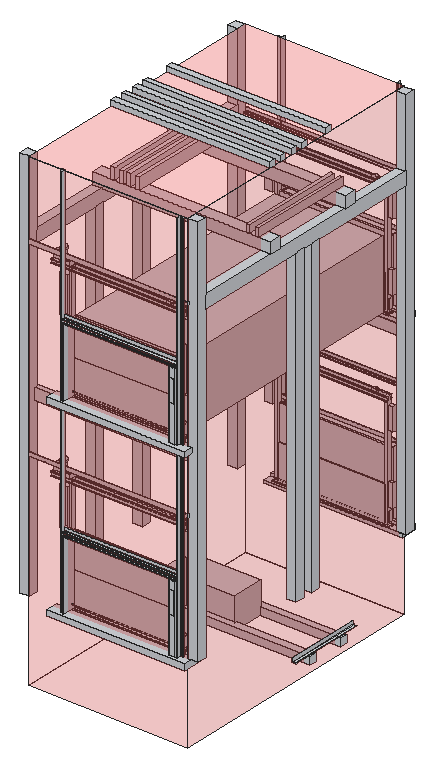
Revit family "SC2600-2U-2方向", category 一般モデル, Revit 2018
Family settings
  鉄筋をホスト可能 = いいえ
  丸型コネクタ寸法 = 直径を使用
  パーツ タイプ = 標準
  作業面ベース = いいえ
  常に垂直 = はい
  ロード時にボイドで切り取り = いいえ
  共有 = いいえ
  部屋計算ポイント = いいえ
Parameters
  昇降行程 = 5000 mm
Reference planes
  plane 1 "レール芯": y = 0
  plane 2 "最下階FL": z = 0
  plane 3 "かご芯": x = 0
  plane 4: z = 5000
  plane 5 "ピット底面": z = -2100
  plane 6: z = 10350
  plane 7: z = 1800
  plane 8: z = 3300
Forms (mm)
  Extrusion 1, solid
    sketch origin (-115, 140, 0) x (1, 0, 0) y (0, 1, 0)
      loop
        line (-2270, 3365) -> (-2270, -3765) -> (1900, -3765) -> (1900, 3365) -> (-2270, 3365)
    from -2100 to 10350
  Extrusion 2, solid
    sketch origin (-188.849, -187.656, 5000) x (1, 0, 0) y (0, 1, 0)
      loop
        line (-1231.151, 3432.656) -> (-1231.151, -3057.344) -> (1608.849, -3057.344) -> (1608.849, 3432.656) -> (-1231.151, 3432.656)
    from 0 to 1800
  Extrusion 3, solid
    sketch origin (-1004.116, 124.003, 75) x (1, 0, 0) y (0, 1, 0)
      loop
        line (-1050.884, 1090.997) -> (-1050.884, 260.997) -> (829.116, 260.997) -> (829.116, 1090.997) -> (-1050.884, 1090.997)
    from -1850 to -1029.5
  Extrusion 4, solid
    sketch origin (-180.164, -13.256, 0) x (1, 0, 0) y (0, 1, 0)
      loop
        line (1965.164, 388.256) -> (1965.164, 138.256) -> (2215.164, 138.256) -> (2215.164, 388.256) -> (1965.164, 388.256)
    from 0 to 8210
  Extrusion 5, solid
    sketch origin (-180.164, -413.256, 0) x (1, 0, 0) y (0, 1, 0)
      loop
        line (1965.164, 288.256) -> (1965.164, 38.256) -> (2215.164, 38.256) -> (2215.164, 288.256) -> (1965.164, 288.256)
    from 0 to 8210
  Extrusion 6, solid
    sketch origin (398.997, -221.31, 0) x (1, 0, 0) y (0, 1, 0)
      loop
        line (-3033.997, 581.31) -> (-3033.997, 331.31) -> (-2783.997, 331.31) -> (-2783.997, 581.31) -> (-3033.997, 581.31)
    from 0 to 8210
  Extrusion 7, solid
    sketch origin (398.997, -1671.31, 0) x (1, 0, 0) y (0, 1, 0)
      loop
        line (-3033.997, 481.31) -> (-3033.997, 231.31) -> (-2783.997, 231.31) -> (-2783.997, 481.31) -> (-3033.997, 481.31)
    from 0 to 8210
  Extrusion 8, solid
    sketch origin (0, -154.792, -183.066) x (0, 1, 0) y (0, 0, 1)
      loop
        line (279.792, 10683.066) -> (279.792, 10533.066) -> (429.792, 10533.066) -> (429.792, 10683.066) -> (279.792, 10683.066)
    from -2385 to 1785
  Extrusion 9, solid
    sketch origin (0, -494.792, -183.066) x (0, 1, 0) y (0, 0, 1)
      loop
        line (279.792, 10683.066) -> (279.792, 10533.066) -> (429.792, 10533.066) -> (429.792, 10683.066) -> (279.792, 10683.066)
    from -2385 to 1785
  Extrusion 10, solid
    sketch origin (0, -859.792, -183.066) x (0, 1, 0) y (0, 0, 1)
      loop
        line (279.792, 10683.066) -> (279.792, 10533.066) -> (429.792, 10533.066) -> (429.792, 10683.066) -> (279.792, 10683.066)
    from -2385 to 1785
  Extrusion 11, solid
    sketch origin (0, 635.208, -183.066) x (0, 1, 0) y (0, 0, 1)
      loop
        line (279.792, 10683.066) -> (279.792, 10533.066) -> (429.792, 10533.066) -> (429.792, 10683.066) -> (279.792, 10683.066)
    from -2385 to 1785
  Extrusion 12, solid
    sketch origin (0, -2627.235, 116.596) x (0, 1, 0) y (0, 0, 1)
      loop
        line (-827.765, 4733.404) -> (-827.765, 4433.404) -> (-677.765, 4433.404) -> (-677.765, 4733.404) -> (-827.765, 4733.404)
    from -2385 to 1785
  Extrusion 13, solid
    sketch origin (122.648, -2528.415, 0) x (-1, 0, 0) y (0, -1, 0)
      loop
        line (-1452.352, 1086.585) -> (-1452.352, 1186.585) -> (-1455.352, 1186.585)
        arc (-1455.352, 1186.585) -> (-1460.302, 1184.535) -> (-1462.352, 1179.585) r 7
        line (-1462.352, 1179.585) -> (-1462.352, 1106.585)
        arc (-1462.352, 1106.585) -> (-1465.281, 1099.514) -> (-1472.352, 1096.585) r 10
        line (-1472.352, 1096.585) -> (-1545.352, 1096.585)
        arc (-1545.352, 1096.585) -> (-1550.302, 1094.535) -> (-1552.352, 1089.585) r 7
        line (-1552.352, 1089.585) -> (-1552.352, 1086.585) -> (-1452.352, 1086.585)
    from 0 to 4850
  Extrusion 14, solid
    sketch origin (77.352, -2528.415, 0) x (1, 0, 0) y (0, 1, 0)
      loop
        line (-1625.352, -1096.585) -> (-1552.352, -1096.585)
        arc (-1552.352, -1096.585) -> (-1545.281, -1099.514) -> (-1542.352, -1106.585) r 10
        line (-1542.352, -1106.585) -> (-1542.352, -1179.585)
        arc (-1542.352, -1179.585) -> (-1540.302, -1184.535) -> (-1535.352, -1186.585) r 7
        line (-1535.352, -1186.585) -> (-1532.352, -1186.585) -> (-1532.352, -1086.585) -> (-1632.352, -1086.585) -> (-1632.352, -1089.585)
        arc (-1632.352, -1089.585) -> (-1630.302, -1094.535) -> (-1625.352, -1096.585) r 7
    from 0 to 4850
  Extrusion 15, solid
    sketch origin (322.648, -2528.415, 5000) x (-1, 0, 0) y (0, -1, 0)
      loop
        arc (-1262.352, 1106.585) -> (-1265.281, 1099.514) -> (-1272.352, 1096.585) r 10
        line (-1272.352, 1096.585) -> (-1345.352, 1096.585)
        arc (-1345.352, 1096.585) -> (-1350.302, 1094.535) -> (-1352.352, 1089.585) r 7
        line (-1352.352, 1089.585) -> (-1352.352, 1086.585) -> (-1252.352, 1086.585) -> (-1252.352, 1186.585) -> (-1255.352, 1186.585)
        arc (-1255.352, 1186.585) -> (-1260.302, 1184.535) -> (-1262.352, 1179.585) r 7
        line (-1262.352, 1179.585) -> (-1262.352, 1106.585)
    from 0 to 5350
  Extrusion 16, solid
    sketch origin (77.352, -2528.415, 5000) x (1, 0, 0) y (0, 1, 0)
      loop
        line (-1625.352, -1096.585) -> (-1552.352, -1096.585)
        arc (-1552.352, -1096.585) -> (-1545.281, -1099.514) -> (-1542.352, -1106.585) r 10
        line (-1542.352, -1106.585) -> (-1542.352, -1179.585)
        arc (-1542.352, -1179.585) -> (-1540.302, -1184.535) -> (-1535.352, -1186.585) r 7
        line (-1535.352, -1186.585) -> (-1532.352, -1186.585) -> (-1532.352, -1086.585) -> (-1632.352, -1086.585) -> (-1632.352, -1089.585)
        arc (-1632.352, -1089.585) -> (-1630.302, -1094.535) -> (-1625.352, -1096.585) r 7
    from 0 to 5350
  Extrusion 17, solid
    sketch origin (90, -5862.272, 1335.614) x (0, 0, -1) y (0, 1, 0)
      loop
        arc (-554.386, 2154.272) -> (-552.335, 2149.322) -> (-547.386, 2147.272) r 7
        line (-547.386, 2147.272) -> (-544.386, 2147.272) -> (-544.386, 2247.272) -> (-644.386, 2247.272) -> (-644.386, 2244.272)
        arc (-644.386, 2244.272) -> (-642.335, 2239.322) -> (-637.386, 2237.272) r 7
        line (-637.386, 2237.272) -> (-564.386, 2237.272)
        arc (-564.386, 2237.272) -> (-557.315, 2234.343) -> (-554.386, 2227.272) r 10
        line (-554.386, 2227.272) -> (-554.386, 2154.272)
    from -1545 to 1485
  Extrusion 18, solid
    sketch origin (398.997, 2888.69, 0) x (1, 0, 0) y (0, 1, 0)
      loop
        line (-3033.997, 581.31) -> (-3033.997, 331.31) -> (-2783.997, 331.31) -> (-2783.997, 581.31) -> (-3033.997, 581.31)
    from 0 to 10350
  Extrusion 19, solid
    sketch origin (24.836, 3081.744, 0) x (1, 0, 0) y (0, 1, 0)
      loop
        line (1760.164, 388.256) -> (1760.164, 138.256) -> (2010.164, 138.256) -> (2010.164, 388.256) -> (1760.164, 388.256)
    from 0 to 10350
  Extrusion 20, solid
    sketch origin (398.997, -3831.31, 0) x (1, 0, 0) y (0, 1, 0)
      loop
        line (-3033.997, 481.31) -> (-3033.997, 231.31) -> (-2783.997, 231.31) -> (-2783.997, 481.31) -> (-3033.997, 481.31)
    from 0 to 10350
  Extrusion 21, solid
    sketch origin (24.836, -3638.256, 0) x (1, 0, 0) y (0, 1, 0)
      loop
        line (1760.164, 288.256) -> (1760.164, 38.256) -> (2010.164, 38.256) -> (2010.164, 288.256) -> (1760.164, 288.256)
    from 0 to 10350
  Extrusion 22, solid
    sketch origin (150, 1916.904, 19.994) x (0, 1, 0) y (0, 0, 1)
      loop
        line (-716.904, -1594.994) -> (-716.904, -1794.994) -> (-516.904, -1794.994) -> (-516.904, -1594.994) -> (-716.904, -1594.994)
    from -2685 to 1785
  Extrusion 23, solid
    sketch origin (150, 916.904, 19.994) x (0, 1, 0) y (0, 0, 1)
      loop
        line (-716.904, -1594.994) -> (-716.904, -1794.994) -> (-516.904, -1794.994) -> (-516.904, -1594.994) -> (-716.904, -1594.994)
    from -2685 to 1785
  Extrusion 24, solid
    sketch origin (0, -1199.792, -183.066) x (0, 1, 0) y (0, 0, 1)
      loop
        line (279.792, 10683.066) -> (279.792, 10533.066) -> (429.792, 10533.066) -> (429.792, 10683.066) -> (279.792, 10683.066)
    from -2385 to 1785
  Extrusion 25, solid
    sketch origin (0, 436.791, -436.921) x (0, 1, 0) y (0, 0, 1)
      loop
        line (798.209, 9286.921) -> (798.209, 8986.921) -> (1098.209, 8986.921) -> (1098.209, 9286.921) -> (798.209, 9286.921)
    from -2635 to 2035
  Extrusion 26, solid
    sketch origin (0, -1963.209, -436.921) x (0, 1, 0) y (0, 0, 1)
      loop
        line (748.209, 9286.921) -> (748.209, 8986.921) -> (1048.209, 8986.921) -> (1048.209, 9286.921) -> (748.209, 9286.921)
    from -2635 to 2035
  Extrusion 27, solid
    sketch origin (112.993, 0, -304.556) x (1, 0, 0) y (0, 0, 1)
      loop
        line (1672.007, 8854.556) -> (1672.007, 8514.556) -> (1922.007, 8514.556) -> (1922.007, 8854.556) -> (1672.007, 8854.556)
    from -3220 to 3350
  Extrusion 28, solid
    sketch origin (-4307.007, 0, -504.556) x (1, 0, 0) y (0, 0, 1)
      loop
        line (1672.007, 9054.556) -> (1672.007, 8714.556) -> (1922.007, 8714.556) -> (1922.007, 9054.556) -> (1672.007, 9054.556)
    from -3220 to 3350
  Extrusion 29, solid
    sketch origin (90, -5862.272, 5285.614) x (0, 0, -1) y (0, 1, 0)
      loop
        arc (-1604.386, 2154.272) -> (-1602.335, 2149.322) -> (-1597.386, 2147.272) r 7
        line (-1597.386, 2147.272) -> (-1594.386, 2147.272) -> (-1594.386, 2247.272) -> (-1694.386, 2247.272) -> (-1694.386, 2244.272)
        arc (-1694.386, 2244.272) -> (-1692.335, 2239.322) -> (-1687.386, 2237.272) r 7
        line (-1687.386, 2237.272) -> (-1614.386, 2237.272)
        arc (-1614.386, 2237.272) -> (-1607.315, 2234.343) -> (-1604.386, 2227.272) r 10
        line (-1604.386, 2227.272) -> (-1604.386, 2154.272)
    from -1545 to 1485
  Extrusion 30, solid
    sketch origin (0, -1507.728, 5470.614) x (0, 0, -1) y (0, 1, 0)
      loop
        line (-2839.386, -2014.272) -> (-2839.386, -2087.272)
        arc (-2839.386, -2087.272) -> (-2842.315, -2094.343) -> (-2849.386, -2097.272) r 10
        line (-2849.386, -2097.272) -> (-2922.386, -2097.272)
        arc (-2922.386, -2097.272) -> (-2927.335, -2099.322) -> (-2929.386, -2104.272) r 7
        line (-2929.386, -2104.272) -> (-2929.386, -2107.272) -> (-2829.386, -2107.272) -> (-2829.386, -2007.272) -> (-2832.386, -2007.272)
        arc (-2832.386, -2007.272) -> (-2837.335, -2009.322) -> (-2839.386, -2014.272) r 7
    from -2385 to 1785
  Extrusion 31, solid
    sketch origin (-193.115, 1800, 0) x (1, 0, 0) y (0, 0, 1)
      loop
        line (-2201.885, -1482) -> (-2201.885, -1555)
        arc (-2201.885, -1555) -> (-2204.814, -1562.071) -> (-2211.885, -1565) r 10
        line (-2211.885, -1565) -> (-2284.885, -1565)
        arc (-2284.885, -1565) -> (-2289.835, -1567.05) -> (-2291.885, -1572) r 7
        line (-2291.885, -1572) -> (-2291.885, -1575) -> (-2191.885, -1575) -> (-2191.885, -1475) -> (-2194.885, -1475)
        arc (-2194.885, -1475) -> (-2199.835, -1477.05) -> (-2201.885, -1482) r 7
    from 5 to 2000
  Extrusion 32, solid
    sketch origin (-406.885, 1800, 0) x (-1, 0, 0) y (0, 0, -1)
      loop
        arc (-2201.885, 1482) -> (-2199.835, 1477.05) -> (-2194.885, 1475) r 7
        line (-2194.885, 1475) -> (-2191.885, 1475) -> (-2191.885, 1575) -> (-2291.885, 1575) -> (-2291.885, 1572)
        arc (-2291.885, 1572) -> (-2289.835, 1567.05) -> (-2284.885, 1565) r 7
        line (-2284.885, 1565) -> (-2211.885, 1565)
        arc (-2211.885, 1565) -> (-2204.814, 1562.071) -> (-2201.885, 1555) r 10
        line (-2201.885, 1555) -> (-2201.885, 1482)
    from 5 to 2000
  Extrusion 33, solid
    sketch origin (-632.393, 0, -591.596) x (1, 0, 0) y (0, 0, 1)
      loop
        line (2277.393, 9641.596) -> (2277.393, 9441.596) -> (2357.393, 9441.596) -> (2357.393, 9641.596) -> (2277.393, 9641.596)
    from -1535 to 1215
  Extrusion 34, solid
    sketch origin (-862.393, 0, -591.596) x (1, 0, 0) y (0, 0, 1)
      loop
        line (2277.393, 9641.596) -> (2277.393, 9441.596) -> (2357.393, 9441.596) -> (2357.393, 9641.596) -> (2277.393, 9641.596)
    from -1535 to 1215
  Extrusion 35, solid
    sketch origin (-356.32, 0, -654.523) x (1, 0, 0) y (0, 0, 1)
      loop
        line (-1798.68, 9804.523) -> (-1798.68, 9504.523) -> (-1708.68, 9504.523) -> (-1708.68, 9804.523) -> (-1798.68, 9804.523)
    from -1535 to 1215
  Extrusion 36, solid
    sketch origin (-116.32, 0, -654.523) x (1, 0, 0) y (0, 0, 1)
      loop
        line (-1798.68, 9804.523) -> (-1798.68, 9504.523) -> (-1708.68, 9504.523) -> (-1708.68, 9804.523) -> (-1798.68, 9804.523)
    from -1535 to 1215
  Extrusion 37, solid
    sketch origin (63.68, 0, -654.523) x (1, 0, 0) y (0, 0, 1)
      loop
        line (-1798.68, 9804.523) -> (-1798.68, 9504.523) -> (-1708.68, 9504.523) -> (-1708.68, 9804.523) -> (-1798.68, 9804.523)
    from -1535 to 1215
  Extrusion 38, solid
    sketch origin (303.68, 0, -654.523) x (1, 0, 0) y (0, 0, 1)
      loop
        line (-1798.68, 9804.523) -> (-1798.68, 9504.523) -> (-1708.68, 9504.523) -> (-1708.68, 9804.523) -> (-1798.68, 9804.523)
    from -1535 to 1215
  Extrusion 39, solid
    sketch origin (122.648, 2408.415, 0) x (-1, 0, 0) y (0, -1, 0)
      loop
        line (-1452.352, -1086.585) -> (-1552.352, -1086.585) -> (-1552.352, -1089.585)
        arc (-1552.352, -1089.585) -> (-1550.302, -1094.535) -> (-1545.352, -1096.585) r 7
        line (-1545.352, -1096.585) -> (-1472.352, -1096.585)
        arc (-1472.352, -1096.585) -> (-1465.281, -1099.514) -> (-1462.352, -1106.585) r 10
        line (-1462.352, -1106.585) -> (-1462.352, -1179.585)
        arc (-1462.352, -1179.585) -> (-1460.302, -1184.535) -> (-1455.352, -1186.585) r 7
        line (-1455.352, -1186.585) -> (-1452.352, -1186.585) -> (-1452.352, -1086.585)
    from 0 to 4850
  Extrusion 40, solid
    sketch origin (77.352, 2408.415, 0) x (1, 0, 0) y (0, 1, 0)
      loop
        arc (-1625.352, 1096.585) -> (-1630.302, 1094.535) -> (-1632.352, 1089.585) r 7
        line (-1632.352, 1089.585) -> (-1632.352, 1086.585) -> (-1532.352, 1086.585) -> (-1532.352, 1186.585) -> (-1535.352, 1186.585)
        arc (-1535.352, 1186.585) -> (-1540.302, 1184.535) -> (-1542.352, 1179.585) r 7
        line (-1542.352, 1179.585) -> (-1542.352, 1106.585)
        arc (-1542.352, 1106.585) -> (-1545.281, 1099.514) -> (-1552.352, 1096.585) r 10
        line (-1552.352, 1096.585) -> (-1625.352, 1096.585)
    from 0 to 4850
  Extrusion 41, solid
    sketch origin (322.648, 2408.415, 5000) x (-1, 0, 0) y (0, -1, 0)
      loop
        line (-1262.352, -1106.585) -> (-1262.352, -1179.585)
        arc (-1262.352, -1179.585) -> (-1260.302, -1184.535) -> (-1255.352, -1186.585) r 7
        line (-1255.352, -1186.585) -> (-1252.352, -1186.585) -> (-1252.352, -1086.585) -> (-1352.352, -1086.585) -> (-1352.352, -1089.585)
        arc (-1352.352, -1089.585) -> (-1350.302, -1094.535) -> (-1345.352, -1096.585) r 7
        line (-1345.352, -1096.585) -> (-1272.352, -1096.585)
        arc (-1272.352, -1096.585) -> (-1265.281, -1099.514) -> (-1262.352, -1106.585) r 10
    from 0 to 5350
  Extrusion 42, solid
    sketch origin (77.352, 2408.415, 5000) x (1, 0, 0) y (0, 1, 0)
      loop
        arc (-1625.352, 1096.585) -> (-1630.302, 1094.535) -> (-1632.352, 1089.585) r 7
        line (-1632.352, 1089.585) -> (-1632.352, 1086.585) -> (-1532.352, 1086.585) -> (-1532.352, 1186.585) -> (-1535.352, 1186.585)
        arc (-1535.352, 1186.585) -> (-1540.302, 1184.535) -> (-1542.352, 1179.585) r 7
        line (-1542.352, 1179.585) -> (-1542.352, 1106.585)
        arc (-1542.352, 1106.585) -> (-1545.281, 1099.514) -> (-1552.352, 1096.585) r 10
        line (-1552.352, 1096.585) -> (-1625.352, 1096.585)
    from 0 to 5350
  Extrusion 43, solid
    sketch origin (90, 5742.272, 1335.614) x (0, 0, -1) y (0, 1, 0)
      loop
        line (-554.386, -2154.272) -> (-554.386, -2227.272)
        arc (-554.386, -2227.272) -> (-557.315, -2234.343) -> (-564.386, -2237.272) r 10
        line (-564.386, -2237.272) -> (-637.386, -2237.272)
        arc (-637.386, -2237.272) -> (-642.335, -2239.322) -> (-644.386, -2244.272) r 7
        line (-644.386, -2244.272) -> (-644.386, -2247.272) -> (-544.386, -2247.272) -> (-544.386, -2147.272) -> (-547.386, -2147.272)
        arc (-547.386, -2147.272) -> (-552.335, -2149.322) -> (-554.386, -2154.272) r 7
    from -1545 to 1485
  Extrusion 44, solid
    sketch origin (90, 5742.272, 5285.614) x (0, 0, -1) y (0, 1, 0)
      loop
        line (-1604.386, -2154.272) -> (-1604.386, -2227.272)
        arc (-1604.386, -2227.272) -> (-1607.315, -2234.343) -> (-1614.386, -2237.272) r 10
        line (-1614.386, -2237.272) -> (-1687.386, -2237.272)
        arc (-1687.386, -2237.272) -> (-1692.335, -2239.322) -> (-1694.386, -2244.272) r 7
        line (-1694.386, -2244.272) -> (-1694.386, -2247.272) -> (-1594.386, -2247.272) -> (-1594.386, -2147.272) -> (-1597.386, -2147.272)
        arc (-1597.386, -2147.272) -> (-1602.335, -2149.322) -> (-1604.386, -2154.272) r 7
    from -1545 to 1485
  Extrusion 45, solid
    sketch origin (0, 1387.728, 5470.614) x (0, 0, -1) y (0, 1, 0)
      loop
        arc (-2839.386, 2014.272) -> (-2837.335, 2009.322) -> (-2832.386, 2007.272) r 7
        line (-2832.386, 2007.272) -> (-2829.386, 2007.272) -> (-2829.386, 2107.272) -> (-2929.386, 2107.272) -> (-2929.386, 2104.272)
        arc (-2929.386, 2104.272) -> (-2927.335, 2099.322) -> (-2922.386, 2097.272) r 7
        line (-2922.386, 2097.272) -> (-2849.386, 2097.272)
        arc (-2849.386, 2097.272) -> (-2842.315, 2094.343) -> (-2839.386, 2087.272) r 10
        line (-2839.386, 2087.272) -> (-2839.386, 2014.272)
    from -2385 to 1785
  Extrusion 46, solid
    sketch origin (0, -100, 1420) x (0, 1, 0) y (0, 0, 1)
      loop
        arc (-3495, 1890) -> (-3502.071, 1892.929) -> (-3505, 1900) r 10
        line (-3505, 1900) -> (-3505, 1973)
        arc (-3505, 1973) -> (-3507.05, 1977.95) -> (-3512, 1980) r 7
        line (-3512, 1980) -> (-3515, 1980) -> (-3515, 1880) -> (-3415, 1880) -> (-3415, 1883)
        arc (-3415, 1883) -> (-3417.05, 1887.95) -> (-3422, 1890) r 7
        line (-3422, 1890) -> (-3495, 1890)
    from -2385 to 1785
  Extrusion 47, solid
    sketch origin (0, 840, 1420) x (0, 1, 0) y (0, 0, 1)
      loop
        arc (2562, 1890) -> (2557.05, 1887.95) -> (2555, 1883) r 7
        line (2555, 1883) -> (2555, 1880) -> (2655, 1880) -> (2655, 1980) -> (2652, 1980)
        arc (2652, 1980) -> (2647.05, 1977.95) -> (2645, 1973) r 7
        line (2645, 1973) -> (2645, 1900)
        arc (2645, 1900) -> (2642.071, 1892.929) -> (2635, 1890) r 10
        line (2635, 1890) -> (2562, 1890)
    from -2385 to 1785
  Extrusion 48, solid
    sketch origin (0, 4132.765, 116.596) x (0, 1, 0) y (0, 0, 1)
      loop
        line (-827.765, 4733.404) -> (-827.765, 4433.404) -> (-677.765, 4433.404) -> (-677.765, 4733.404) -> (-827.765, 4733.404)
    from -2385 to 1785
Dimensions and locks
  "昇降行程": plane 4 to plane 2 "最下階FL"
  locked: plane 6 to plane 4 at 5350
  locked: Extrusion 2 to plane 4 at 1800
  locked: plane 4 to Extrusion 13 at 150
  locked: Extrusion 27 to plane 4 at 3210
  locked: plane 4 to Extrusion 39 at 150
  aligned and locked: level to plane 2 "最下階FL"
  aligned and locked: Extrusion 1 to plane 5 "ピット底面"
  aligned and locked: Extrusion 2 to plane 4
  aligned and locked: Extrusion 5 to plane 2 "最下階FL"
  aligned and locked: Extrusion 4 to plane 2 "最下階FL"
  aligned and locked: Extrusion 6 to Extrusion 1
  aligned and locked: Extrusion 7 to Extrusion 1
  aligned and locked: Extrusion 4 to Extrusion 1
  aligned and locked: Extrusion 5 to Extrusion 1
  aligned and locked: Extrusion 6 to plane 2 "最下階FL"
  aligned and locked: Extrusion 7 to plane 2 "最下階FL"
  aligned and locked: Extrusion 8 to Extrusion 1
  aligned and locked: Extrusion 1 to Extrusion 8  (x2)
  aligned and locked: Extrusion 1 to Extrusion 10  (x2)
  aligned and locked: Extrusion 1 to Extrusion 11  (x2)
  aligned and locked: Extrusion 10 to Extrusion 1
  aligned and locked: Extrusion 9 to Extrusion 1
  aligned and locked: Extrusion 11 to Extrusion 1
  aligned and locked: Extrusion 1 to Extrusion 12  (x2)
  aligned and locked: Extrusion 1 to Extrusion 9  (x2)
  aligned and locked: Extrusion 15 to Extrusion 16
  aligned and locked: Extrusion 16 to plane 4
  aligned and locked: Extrusion 15 to plane 4
  aligned and locked: Extrusion 1 to plane 6
  aligned and locked: plane 6 to Extrusion 15
  aligned and locked: plane 6 to Extrusion 16
  aligned and locked: Extrusion 13 to Extrusion 14
  aligned and locked: Extrusion 1 to Extrusion 19
  aligned and locked: Extrusion 1 to Extrusion 21
  aligned and locked: Extrusion 1 to Extrusion 18
  aligned and locked: Extrusion 1 to Extrusion 20
  aligned and locked: Extrusion 4 to Extrusion 27
  aligned and locked: Extrusion 6 to Extrusion 27
  aligned and locked: Extrusion 5 to Extrusion 27
  aligned and locked: Extrusion 7 to Extrusion 27
  aligned and locked: Extrusion 1 to Extrusion 24  (x2)
  aligned and locked: plane 4 to nested 2
  aligned and locked: plane 4 to nested 4
  aligned and locked: Extrusion 41 to Extrusion 42
  aligned and locked: Extrusion 39 to Extrusion 40
  aligned and locked: plane 6 to Extrusion 41
  aligned and locked: Extrusion 41 to plane 4
  aligned and locked: Extrusion 42 to plane 4
Automatic sketch dimensions
  Extrusion 1 sketch curve to plane 3 "かご芯" = 2385 mm
  plane 3 "かご芯" to Extrusion 1 sketch curve = 1785 mm
  plane 1 "レール芯" to Extrusion 1 sketch curve = 3625 mm
  Extrusion 1 sketch curve to plane 1 "レール芯" = 3505 mm
  Extrusion 2 sketch curve to plane 3 "かご芯" = 1420 mm
  plane 3 "かご芯" to Extrusion 2 sketch curve = 1420 mm
  plane 1 "レール芯" to Extrusion 2 sketch curve = 3245 mm
  Extrusion 2 sketch curve to plane 1 "レール芯" = 3245 mm
  Extrusion 3 sketch curve to plane 1 "レール芯" = 385 mm
  Extrusion 3 sketch curve to plane 3 "かご芯" = 2055 mm
  Extrusion 3 sketch curve to plane 3 "かご芯" = 175 mm
  Extrusion 3 sketch curve to Extrusion 3 sketch curve = 830 mm
  Extrusion 4 sketch curve to plane 1 "レール芯" = 125 mm
  plane 3 "かご芯" to Extrusion 4 sketch curve = 1785 mm
  Extrusion 4 sketch curve to Extrusion 4 sketch curve = 250 mm  (x2)
  plane 1 "レール芯" to Extrusion 5 sketch curve = 375 mm
  plane 3 "かご芯" to Extrusion 5 sketch curve = 1785 mm
  Extrusion 5 sketch curve to Extrusion 5 sketch curve = 250 mm
  plane 1 "レール芯" to Extrusion 5 sketch curve = 125 mm
  Extrusion 6 sketch curve to plane 1 "レール芯" = 110 mm
  Extrusion 6 sketch curve to plane 3 "かご芯" = 2635 mm
  Extrusion 6 sketch curve to Extrusion 6 sketch curve = 250 mm  (x2)
  Extrusion 7 sketch curve to plane 3 "かご芯" = 2635 mm
  Extrusion 7 sketch curve to Extrusion 7 sketch curve = 250 mm  (x2)
  plane 1 "レール芯" to Extrusion 7 sketch curve = 1440 mm
  Extrusion 8 sketch curve to plane 6 = 0 mm
  Extrusion 8 sketch curve to plane 1 "レール芯" = 125 mm
  Extrusion 8 sketch curve to Extrusion 8 sketch curve = 150 mm
  plane 6 to Extrusion 8 sketch curve = 150 mm
  Extrusion 9 sketch curve to plane 6 = 0 mm
  plane 1 "レール芯" to Extrusion 9 sketch curve = 215 mm
  plane 1 "レール芯" to Extrusion 9 sketch curve = 65 mm
  plane 6 to Extrusion 9 sketch curve = 150 mm
  Extrusion 10 sketch curve to plane 6 = 0 mm
  plane 1 "レール芯" to Extrusion 10 sketch curve = 580 mm
  Extrusion 10 sketch curve to Extrusion 10 sketch curve = 150 mm
  plane 6 to Extrusion 10 sketch curve = 150 mm
  Extrusion 11 sketch curve to plane 6 = 0 mm
  Extrusion 11 sketch curve to plane 1 "レール芯" = 915 mm
  Extrusion 11 sketch curve to Extrusion 11 sketch curve = 150 mm  (x2)
  Extrusion 12 sketch curve to plane 4 = 450 mm
  plane 1 "レール芯" to Extrusion 12 sketch curve = 3455 mm
  Extrusion 12 sketch curve to Extrusion 12 sketch curve = 150 mm
  Extrusion 12 sketch curve to plane 4 = 150 mm
  Extrusion 13 sketch curve to plane 3 "かご芯" = 1675 mm
  Extrusion 13 sketch curve to Extrusion 13 sketch curve = 7 mm  (x2)
  Extrusion 13 sketch curve to Extrusion 13 sketch curve = 73 mm  (x2)
  Extrusion 13 sketch curve to Extrusion 13 sketch curve = 10 mm
  Extrusion 13 sketch curve to Extrusion 13 sketch curve = 3 mm
  Extrusion 13 sketch curve to plane 1 "レール芯" = 3715 mm
  Extrusion 13 sketch curve to Extrusion 13 sketch curve = 20 mm
  Extrusion 14 sketch curve to plane 3 "かご芯" = 1555 mm
  Extrusion 14 sketch curve to Extrusion 14 sketch curve = 7 mm  (x2)
  Extrusion 14 sketch curve to Extrusion 14 sketch curve = 73 mm  (x2)
  Extrusion 14 sketch curve to Extrusion 14 sketch curve = 10 mm
  Extrusion 14 sketch curve to Extrusion 14 sketch curve = 3 mm  (x2)
  plane 1 "レール芯" to Extrusion 14 sketch curve = 3715 mm
  Extrusion 15 sketch curve to plane 3 "かご芯" = 1675 mm
  Extrusion 15 sketch curve to Extrusion 15 sketch curve = 7 mm  (x2)
  Extrusion 15 sketch curve to Extrusion 15 sketch curve = 73 mm  (x2)
  Extrusion 15 sketch curve to Extrusion 15 sketch curve = 10 mm
  Extrusion 15 sketch curve to Extrusion 15 sketch curve = 3 mm
  Extrusion 15 sketch curve to plane 1 "レール芯" = 3715 mm
  Extrusion 15 sketch curve to Extrusion 15 sketch curve = 20 mm
  Extrusion 16 sketch curve to plane 3 "かご芯" = 1555 mm
  Extrusion 16 sketch curve to Extrusion 16 sketch curve = 7 mm  (x2)
  Extrusion 16 sketch curve to Extrusion 16 sketch curve = 73 mm  (x2)
  Extrusion 16 sketch curve to Extrusion 16 sketch curve = 10 mm
  Extrusion 16 sketch curve to Extrusion 16 sketch curve = 3 mm  (x2)
  plane 1 "レール芯" to Extrusion 16 sketch curve = 3715 mm
  Extrusion 17 sketch curve to plane 7 = 180 mm
  Extrusion 17 sketch curve to Extrusion 17 sketch curve = 7 mm  (x2)
  Extrusion 17 sketch curve to Extrusion 17 sketch curve = 73 mm  (x2)
  Extrusion 17 sketch curve to Extrusion 17 sketch curve = 10 mm
  Extrusion 17 sketch curve to Extrusion 17 sketch curve = 3 mm  (x2)
  plane 1 "レール芯" to Extrusion 17 sketch curve = 3715 mm
  Extrusion 18 sketch curve to plane 3 "かご芯" = 2635 mm
  Extrusion 18 sketch curve to Extrusion 18 sketch curve = 250 mm  (x2)
  Extrusion 18 sketch curve to plane 1 "レール芯" = 3220 mm
  plane 3 "かご芯" to Extrusion 19 sketch curve = 1785 mm
  Extrusion 19 sketch curve to Extrusion 19 sketch curve = 250 mm  (x2)
  Extrusion 19 sketch curve to plane 1 "レール芯" = 3220 mm
  Extrusion 20 sketch curve to plane 3 "かご芯" = 2635 mm
  Extrusion 20 sketch curve to Extrusion 20 sketch curve = 250 mm  (x2)
  plane 1 "レール芯" to Extrusion 20 sketch curve = 3600 mm
  plane 3 "かご芯" to Extrusion 21 sketch curve = 1785 mm
  Extrusion 21 sketch curve to Extrusion 21 sketch curve = 250 mm  (x2)
  plane 1 "レール芯" to Extrusion 21 sketch curve = 3600 mm
  plane 5 "ピット底面" to Extrusion 22 sketch curve = 325 mm
  Extrusion 22 sketch curve to plane 1 "レール芯" = 1200 mm
  Extrusion 22 sketch curve to Extrusion 22 sketch curve = 200 mm  (x2)
  Extrusion 23 sketch curve to plane 1 "レール芯" = 200 mm
  Extrusion 23 sketch curve to Extrusion 23 sketch curve = 200 mm  (x2)
  plane 5 "ピット底面" to Extrusion 23 sketch curve = 325 mm
  Extrusion 24 sketch curve to plane 6 = 0 mm
  plane 1 "レール芯" to Extrusion 24 sketch curve = 920 mm
  Extrusion 24 sketch curve to Extrusion 24 sketch curve = 150 mm
  plane 6 to Extrusion 24 sketch curve = 150 mm
  Extrusion 25 sketch curve to plane 1 "レール芯" = 1235 mm
  Extrusion 25 sketch curve to Extrusion 25 sketch curve = 300 mm  (x2)
  Extrusion 25 sketch curve to plane 6 = 1800 mm
  plane 1 "レール芯" to Extrusion 26 sketch curve = 1215 mm
  Extrusion 26 sketch curve to Extrusion 26 sketch curve = 300 mm  (x2)
  Extrusion 26 sketch curve to plane 6 = 1800 mm
  plane 3 "かご芯" to Extrusion 27 sketch curve = 1785 mm
  Extrusion 27 sketch curve to Extrusion 27 sketch curve = 250 mm
  Extrusion 27 sketch curve to plane 6 = 2140 mm
  Extrusion 27 sketch curve to Extrusion 27 sketch curve = 340 mm
  Extrusion 28 sketch curve to plane 3 "かご芯" = 2635 mm
  Extrusion 28 sketch curve to Extrusion 28 sketch curve = 250 mm
  Extrusion 28 sketch curve to plane 6 = 2140 mm
  Extrusion 28 sketch curve to Extrusion 28 sketch curve = 340 mm
  plane 4 to Extrusion 29 sketch curve = 1980 mm
  Extrusion 29 sketch curve to Extrusion 29 sketch curve = 7 mm  (x2)
  Extrusion 29 sketch curve to Extrusion 29 sketch curve = 73 mm  (x2)
  Extrusion 29 sketch curve to Extrusion 29 sketch curve = 10 mm
  Extrusion 29 sketch curve to Extrusion 29 sketch curve = 3 mm  (x2)
  plane 1 "レール芯" to Extrusion 29 sketch curve = 3715 mm
  plane 6 to Extrusion 30 sketch curve = 1950 mm
  Extrusion 30 sketch curve to Extrusion 30 sketch curve = 7 mm  (x2)
  Extrusion 30 sketch curve to Extrusion 30 sketch curve = 73 mm  (x2)
  Extrusion 30 sketch curve to Extrusion 30 sketch curve = 10 mm
  Extrusion 30 sketch curve to Extrusion 30 sketch curve = 3 mm  (x2)
  Extrusion 30 sketch curve to plane 1 "レール芯" = 3515 mm
  plane 5 "ピット底面" to Extrusion 31 sketch curve = 528 mm
  Extrusion 31 sketch curve to plane 3 "かご芯" = 2485 mm
  Extrusion 31 sketch curve to Extrusion 31 sketch curve = 7 mm  (x2)
  Extrusion 31 sketch curve to Extrusion 31 sketch curve = 73 mm  (x2)
  Extrusion 31 sketch curve to Extrusion 31 sketch curve = 10 mm
  Extrusion 31 sketch curve to Extrusion 31 sketch curve = 3 mm
  Extrusion 31 sketch curve to Extrusion 31 sketch curve = 20 mm
  plane 5 "ピット底面" to Extrusion 32 sketch curve = 528 mm
  plane 3 "かご芯" to Extrusion 32 sketch curve = 1885 mm
  Extrusion 32 sketch curve to Extrusion 32 sketch curve = 7 mm  (x2)
  Extrusion 32 sketch curve to Extrusion 32 sketch curve = 73 mm  (x2)
  Extrusion 32 sketch curve to Extrusion 32 sketch curve = 10 mm
  Extrusion 32 sketch curve to Extrusion 32 sketch curve = 3 mm  (x2)
  plane 3 "かご芯" to Extrusion 33 sketch curve = 1645 mm
  Extrusion 33 sketch curve to Extrusion 33 sketch curve = 80 mm
  Extrusion 33 sketch curve to plane 6 = 1500 mm
  Extrusion 33 sketch curve to Extrusion 33 sketch curve = 200 mm
  plane 3 "かご芯" to Extrusion 34 sketch curve = 1415 mm
  Extrusion 34 sketch curve to Extrusion 34 sketch curve = 80 mm
  Extrusion 34 sketch curve to plane 6 = 1500 mm
  Extrusion 34 sketch curve to Extrusion 34 sketch curve = 200 mm
  Extrusion 35 sketch curve to plane 3 "かご芯" = 2155 mm
  Extrusion 35 sketch curve to Extrusion 35 sketch curve = 90 mm
  Extrusion 35 sketch curve to plane 6 = 1500 mm
  Extrusion 35 sketch curve to Extrusion 35 sketch curve = 300 mm
  Extrusion 36 sketch curve to plane 3 "かご芯" = 1915 mm
  Extrusion 36 sketch curve to Extrusion 36 sketch curve = 90 mm
  Extrusion 36 sketch curve to plane 6 = 1500 mm
  Extrusion 36 sketch curve to Extrusion 36 sketch curve = 300 mm
  Extrusion 37 sketch curve to plane 3 "かご芯" = 1735 mm
  Extrusion 37 sketch curve to Extrusion 37 sketch curve = 90 mm
  Extrusion 37 sketch curve to plane 6 = 1500 mm
  Extrusion 37 sketch curve to Extrusion 37 sketch curve = 300 mm
  Extrusion 38 sketch curve to plane 3 "かご芯" = 1495 mm
  Extrusion 38 sketch curve to Extrusion 38 sketch curve = 90 mm
  Extrusion 38 sketch curve to plane 6 = 1500 mm
  Extrusion 38 sketch curve to Extrusion 38 sketch curve = 300 mm
  plane 3 "かご芯" to Extrusion 39 sketch curve = 1675 mm
  Extrusion 39 sketch curve to Extrusion 39 sketch curve = 7 mm  (x2)
  Extrusion 39 sketch curve to Extrusion 39 sketch curve = 73 mm  (x2)
  Extrusion 39 sketch curve to Extrusion 39 sketch curve = 10 mm  (x2)
  Extrusion 39 sketch curve to Extrusion 39 sketch curve = 3 mm
  Extrusion 39 sketch curve to plane 1 "レール芯" = 3595 mm
  Extrusion 40 sketch curve to plane 3 "かご芯" = 1555 mm
  Extrusion 40 sketch curve to Extrusion 40 sketch curve = 7 mm  (x2)
  Extrusion 40 sketch curve to Extrusion 40 sketch curve = 73 mm  (x2)
  Extrusion 40 sketch curve to Extrusion 40 sketch curve = 10 mm
  Extrusion 40 sketch curve to Extrusion 40 sketch curve = 3 mm  (x2)
  Extrusion 40 sketch curve to plane 1 "レール芯" = 3495 mm
  plane 3 "かご芯" to Extrusion 41 sketch curve = 1675 mm
  Extrusion 41 sketch curve to Extrusion 41 sketch curve = 7 mm  (x2)
  Extrusion 41 sketch curve to Extrusion 41 sketch curve = 73 mm  (x2)
  Extrusion 41 sketch curve to Extrusion 41 sketch curve = 10 mm  (x2)
  Extrusion 41 sketch curve to Extrusion 41 sketch curve = 3 mm
  Extrusion 41 sketch curve to plane 1 "レール芯" = 3595 mm
  Extrusion 42 sketch curve to plane 3 "かご芯" = 1555 mm
  Extrusion 42 sketch curve to Extrusion 42 sketch curve = 7 mm  (x2)
  Extrusion 42 sketch curve to Extrusion 42 sketch curve = 73 mm  (x2)
  Extrusion 42 sketch curve to Extrusion 42 sketch curve = 10 mm
  Extrusion 42 sketch curve to Extrusion 42 sketch curve = 3 mm  (x2)
  Extrusion 42 sketch curve to plane 1 "レール芯" = 3495 mm
  Extrusion 43 sketch curve to plane 7 = 180 mm
  Extrusion 43 sketch curve to Extrusion 43 sketch curve = 7 mm  (x2)
  Extrusion 43 sketch curve to Extrusion 43 sketch curve = 73 mm  (x2)
  Extrusion 43 sketch curve to Extrusion 43 sketch curve = 10 mm
  Extrusion 43 sketch curve to Extrusion 43 sketch curve = 3 mm  (x2)
  Extrusion 43 sketch curve to plane 1 "レール芯" = 3495 mm
  plane 4 to Extrusion 44 sketch curve = 1980 mm
  Extrusion 44 sketch curve to Extrusion 44 sketch curve = 7 mm  (x2)
  Extrusion 44 sketch curve to Extrusion 44 sketch curve = 73 mm  (x2)
  Extrusion 44 sketch curve to Extrusion 44 sketch curve = 10 mm
  Extrusion 44 sketch curve to Extrusion 44 sketch curve = 3 mm  (x2)
  Extrusion 44 sketch curve to plane 1 "レール芯" = 3495 mm
  Extrusion 45 sketch curve to plane 6 = 1950 mm
  Extrusion 45 sketch curve to Extrusion 45 sketch curve = 7 mm  (x2)
  Extrusion 45 sketch curve to Extrusion 45 sketch curve = 73 mm  (x2)
  Extrusion 45 sketch curve to Extrusion 45 sketch curve = 10 mm
  Extrusion 45 sketch curve to Extrusion 45 sketch curve = 3 mm  (x2)
  Extrusion 45 sketch curve to plane 1 "レール芯" = 3395 mm
  plane 8 to Extrusion 46 sketch curve = 0 mm
  Extrusion 46 sketch curve to plane 8 = 100 mm
  plane 1 "レール芯" to Extrusion 46 sketch curve = 3615 mm
  Extrusion 46 sketch curve to Extrusion 46 sketch curve = 3 mm
  Extrusion 46 sketch curve to Extrusion 46 sketch curve = 10 mm  (x2)
  Extrusion 46 sketch curve to plane 8 = 10 mm
  Extrusion 46 sketch curve to plane 8 = 3 mm
  Extrusion 46 sketch curve to Extrusion 46 sketch curve = 73 mm
  plane 8 to Extrusion 47 sketch curve = 0 mm
  Extrusion 47 sketch curve to plane 1 "レール芯" = 3395 mm
  Extrusion 47 sketch curve to plane 8 = 3 mm
  Extrusion 47 sketch curve to Extrusion 47 sketch curve = 7 mm  (x2)
  Extrusion 47 sketch curve to Extrusion 47 sketch curve = 73 mm  (x2)
  Extrusion 47 sketch curve to Extrusion 47 sketch curve = 10 mm
  Extrusion 47 sketch curve to Extrusion 47 sketch curve = 3 mm
  Extrusion 48 sketch curve to plane 4 = 450 mm
  Extrusion 48 sketch curve to plane 1 "レール芯" = 3305 mm
  Extrusion 48 sketch curve to Extrusion 48 sketch curve = 150 mm
  Extrusion 48 sketch curve to plane 4 = 150 mm
Nested families
  nested 1: "2U" at (0, -3275, 0), type "2U"
    with 戸袋 1220 mm, 壁外～敷居先端 450 mm, 出入口高さ 1800 mm, 出入口幅 2750 mm
  nested 2: "2U" at (0, -3275, 5000), type "2U"
    with 戸袋 1220 mm, 壁外～敷居先端 450 mm, 出入口高さ 1800 mm, 出入口幅 2750 mm
  nested 3: "2U" at (0, 3275, 0), type "2U 背面"
    with 戸袋 1220 mm, 壁外～敷居先端 330 mm, 出入口高さ 1800 mm, 出入口幅 2750 mm
  nested 4: "2U" at (0, 3275, 5000), type "2U 背面"
    with 戸袋 1220 mm, 壁外～敷居先端 330 mm, 出入口高さ 1800 mm, 出入口幅 2750 mm
Definition of nested family "2U"
  Parameters (values of type "2U")
    戸袋 = 1570 mm
    壁外～敷居先端 = 470 mm
    出入口高さ = 2500 mm
    出入口幅 = 2500 mm
  Reference planes
    plane 1 "敷居先端": y = 0
    plane 2: z = 0
    plane 3 "中心(左/右)": x = 0
    plane 4: x = 1250
    plane 5: x = -1250
    plane 6: z = 2500
    plane 7: z = 1250
    plane 8 "出入口高さ": z = 4070
    plane 9: z = 4050
    plane 10: x = 989
    plane 11: z = 4080
    plane 12: x = -1406
    plane 13: z = 4172.5
    plane 14: x = -1830
    plane 15: x = -1735
    plane 16: z = 4230
    plane 17: z = 2570
    plane 18: y = -470
    plane 19: x = -1330
    plane 20: x = 1450
    plane 21: z = 2580
  Forms (mm)
    Extrusion 1, solid
      sketch origin (0, 0, 0) x (1, 0, 0) y (0, 1, 0)
        loop
          line (-1270, -45) -> (-1270, -87) -> (1270, -87) -> (1270, -45) -> (-1270, -45)
      from 0 to 1280
    Extrusion 2, solid
      sketch origin (0, 0, 0) x (1, 0, 0) y (0, 1, 0)
        loop
          line (-1270, -95) -> (-1270, -137) -> (1270, -137) -> (1270, -95) -> (-1270, -95)
      from 1250 to 2530
    Extrusion 3, solid
      sketch origin (0, 0, 0) x (1, 0, 0) y (0, 1, 0)
        loop
          line (-1300, -145) -> (-1300, -146.6) -> (-1251.6, -146.6) -> (-1251.6, -478.4) -> (-1278.4, -478.4) -> (-1278.4, -450) -> (-1280, -450) -> (-1280, -480) -> (-1250, -480) -> (-1250, -145) -> (-1300, -145)
      from 0 to 2500
    Extrusion 4, solid
      sketch origin (0, 0, 0) x (1, 0, 0) y (0, 1, 0)
        loop
          line (1300, -145) -> (1250, -145) -> (1250, -480) -> (1400, -480) -> (1400, -450) -> (1398.4, -450) -> (1398.4, -478.4) -> (1251.6, -478.4) -> (1251.6, -146.6) -> (1300, -146.6) -> (1300, -145)
      from 0 to 2500
    Extrusion 5, solid
      sketch origin (0, 0, -10) x (0, 1, 0) y (0, 0, 1)
        loop
          line (-30, 10) -> (-570, 10) -> (-570, -140) -> (-30, -140) -> (-30, 10)
      from -1750 to 1750
    Extrusion 6, void
      sketch origin (0, 0, 0) x (0, 1, 0) y (0, 0, 1)
        loop
          line (-230, 0) -> (-230, -60) -> (-30, -60) -> (-30, 0) -> (-230, 0)
      from -1750 to 1750
    Extrusion 7, solid
      sketch origin (0, 0, 0) x (0, 1, 0) y (0, 0, 1)
        loop
          line (-155, 0) -> (-155, -4.5) -> (0, -4.5) -> (0, 0) -> (-155, 0)
      from -1412 to 1412
    Extrusion 8, solid
      sketch origin (0, 0, 0) x (0, 1, 0) y (0, 0, 1)
        loop
          arc (-150, -14) -> (-148.682, -10.818) -> (-145.5, -9.5) r 4.5
          line (-145.5, -9.5) -> (-118, -9.5)
          arc (-118, -9.5) -> (-115.879, -8.621) -> (-115, -6.5) r 3
          line (-115, -6.5) -> (-115, -4.5) -> (-155, -4.5) -> (-155, -44.5) -> (-153, -44.5)
          arc (-153, -44.5) -> (-150.879, -43.621) -> (-150, -41.5) r 3
          line (-150, -41.5) -> (-150, -14)
      from -1412 to 1412
    Extrusion 9, solid
      sketch origin (0, 0, 0) x (0, 1, 0) y (0, 0, 1)
        loop
          line (-10, -14) -> (-10, -41.5)
          arc (-10, -41.5) -> (-9.121, -43.621) -> (-7, -44.5) r 3
          line (-7, -44.5) -> (-5, -44.5) -> (-5, -4.5) -> (-45, -4.5) -> (-45, -6.5)
          arc (-45, -6.5) -> (-44.121, -8.621) -> (-42, -9.5) r 3
          line (-42, -9.5) -> (-14.5, -9.5)
          arc (-14.5, -9.5) -> (-11.318, -10.818) -> (-10, -14) r 4.5
      from -1412 to 1412
    Extrusion 10, solid
      sketch origin (0, 0, 0) x (0, 1, 0) y (0, 0, 1)
        loop
          line (-40.028, 3970) -> (0, 3970) -> (0, 3974.5) -> (-35.5, 3974.5) -> (-35.5, 4065.5) -> (0, 4065.5) -> (0, 4070) -> (-40.028, 4070) -> (-40.028, 3970)
      from -1830 to 1362
    Extrusion 11, solid
      sketch origin (0, 0, 0) x (0, 1, 0) y (0, 0, 1)
        loop
          line (-175, 4076) -> (-175, 4070) -> (125, 4070) -> (125, 4076) -> (-175, 4076)
      from -1830 to -1640
    Extrusion 12, solid
      sketch origin (0, 0, 0) x (0, 1, 0) y (0, 0, 1)
        loop
          line (-450, 2530) -> (-480, 2530) -> (-480, 2500) -> (-145, 2500) -> (-145, 2501.6) -> (-478.4, 2501.6) -> (-478.4, 2528.4) -> (-450, 2528.4) -> (-450, 2530)
      from -1280 to 1400
    Extrusion 13, solid
      sketch origin (-22.601, -148.434, 0) x (1, 0, 0) y (0, 1, 0)
        loop
          line (1312.601, 108.406) -> (1312.601, 8.406) -> (1384.601, 8.406) -> (1384.601, 108.406) -> (1312.601, 108.406)
      from 0 to 4070
    Extrusion 14, solid
      sketch origin (-3174.601, -148.434, 0) x (1, 0, 0) y (0, 1, 0)
        loop
          line (1812.601, 108.406) -> (1812.601, 8.406) -> (1884.601, 8.406) -> (1884.601, 108.406) -> (1812.601, 108.406)
      from 0 to 4070
    Extrusion 15, solid
      sketch origin (0, 0, 0) x (-1, 0, 0) y (0, 0, -1)
        loop
          circle (-989, -4080) r 61
      from 65 to 115
    Extrusion 16, solid
      sketch origin (0, 0, 0) x (1, 0, 0) y (0, 0, 1)
        loop
          circle (-1406, 4172.5) r 81
      from 65 to 135
    Extrusion 17, solid
      sketch origin (0, 0, 0) x (1, 0, 0) y (0, 0, 1)
        loop
          circle (-1735, 4230) r 60
      from -205.9 to 20.6
    Extrusion 18, solid
      sketch origin (0, 0, 3250) x (1, 0, 0) y (0, 1, 0)
        loop
          line (-1587, -12) -> (-1587, -168) -> (-1387, -168) -> (-1387, -12) -> (-1587, -12)
      from -750 to 250
    Extrusion 19, solid
      sketch origin (229.034, -29.566, 4076) x (1, 0, 0) y (0, 1, 0)
        loop
          line (-2054.034, 154.566) -> (-2054.034, -45.434) -> (-1874.034, -45.434) -> (-1874.034, 154.566) -> (-2054.034, 154.566)
      from 0 to 154
    Extrusion 20, solid
      sketch origin (2782.417, -417.994, 75) x (1, 0, 0) y (0, 1, 0)
        loop
          line (-1420.417, 373.067) -> (-1420.417, 283.067) -> (-1382.217, 283.067) -> (-1382.217, 373.067) -> (-1420.417, 373.067)
      from 0 to 255
    Extrusion 21, solid
      sketch origin (-286.199, -145.163, 430) x (1, 0, 0) y (0, 1, 0)
        loop
          line (1648.199, 95.235) -> (1648.199, 15.235) -> (1778.199, 15.235) -> (1778.199, 95.235) -> (1648.199, 95.235)
      from 0 to 600
    Extrusion 22, solid
      sketch origin (-286.199, -145.163, 2930) x (1, 0, 0) y (0, 1, 0)
        loop
          line (1648.199, 95.235) -> (1648.199, 15.235) -> (1778.199, 15.235) -> (1778.199, 95.235) -> (1648.199, 95.235)
      from 0 to 600
    Extrusion 23, solid
      sketch origin (142.65, 0, -207.206) x (1, 0, 0) y (0, 0, 1)
        loop
          line (-1638.65, 4379.706) -> (-1638.65, 4277.206) -> (-1458.65, 4277.206) -> (-1458.65, 4379.706) -> (-1638.65, 4379.706)
      from 0 to 180.055
    Extrusion 24, solid
      sketch origin (520, -163, 962.5) x (1, 0, 0) y (0, 1, 0)
        loop
          line (740, -317) -> (740, -320) -> (870, -320) -> (870, -317) -> (740, -317)
      from 0 to 590
    Extrusion 25, solid
      sketch origin (0, -180.055, 0) x (0, -1, 0) y (0, 0, -1)
        loop
          line (-40.028, -3970) -> (-40.028, -4070) -> (0, -4070) -> (0, -4065.5) -> (-35.5, -4065.5) -> (-35.5, -3974.5) -> (0, -3974.5) -> (0, -3970) -> (-40.028, -3970)
      from -1830 to 1362
  Cuts and joins
    Extrusion 6 cuts Extrusion 1
    Extrusion 6 cuts Extrusion 5
  Lines and regions (mm)
    reference lines
      curve 1: line (1250, -10, 0) -> (1362, -10, 0)
    symbolic lines
      curve 2: line (0, -480, 0) -> (0, -145, 0)
  Dimensions and locks
    "出入口幅": plane 5 to plane 4
    equal spacing: plane 5, plane 3 "中心(左/右)", plane 4
    "出入口高さ": plane 6 to level
    equal spacing: plane 6, plane 7, level
    locked: Extrusion 2 to plane 6 at 30
    locked: Extrusion 1 to plane 7 at 30
    locked: plane 4 to Extrusion 1 at 20
    locked: Extrusion 2 to plane 5 at 20
    locked: plane 4 to Extrusion 7 at 162
    locked: Extrusion 7 to plane 5 at 162
    "戸袋": plane 8 "出入口高さ" to plane 6
    locked: plane 4 to Extrusion 10 at 112
    locked: plane 9 to plane 8 "出入口高さ" at 20
    locked: Extrusion 12 to plane 5 at 30
    locked: plane 4 to Extrusion 12 at 150
    locked: plane 11 to plane 8 "出入口高さ" at 10
    locked: plane 4 to plane 10 at 261
    locked: plane 13 to plane 8 "出入口高さ" at 102.5
    locked: plane 14 to Extrusion 11 at 190
    locked: plane 14 to plane 5 at 580
    locked: plane 14 to plane 12 at 424
    locked: plane 16 to plane 8 "出入口高さ" at 160
    locked: plane 14 to plane 15 at 95
    locked: plane 4 to cut or joined group of Extrusion 5, Extrusion 6 at 500
    cut or joined group of Extrusion 5, Extrusion 6 to plane 5 = 500 mm
    locked: plane 6 to plane 17 at 70
    locked: plane 18 to Extrusion 3 at 10
    locked: plane 18 to Extrusion 4 at 10
    locked: plane 18 to cut or joined group of Extrusion 5, Extrusion 6 at 100
    locked: Extrusion 12 to plane 18 at 10
    locked: Extrusion 18 to plane 6 at 1000
    locked: Extrusion 22 to Extrusion 22 at 600
    locked: plane 6 to Extrusion 22 at 430
    locked: Extrusion 11 to plane 8 "出入口高さ" at 6
    locked: plane 16 to Extrusion 11 at 154
    locked: cut or joined group of Extrusion 5, Extrusion 6 to cut or joined group of Extrusion 5, Extrusion 6 at 200
    locked: plane 19 to plane 5 at 80
    locked: plane 4 to plane 20 at 200
    locked: plane 21 to plane 6 at 80
    "壁外～敷居先端": plane 18 to plane 1 "敷居先端"
    aligned and locked: level to plane 2
    aligned and locked: Extrusion 2 to plane 7
    aligned and locked: plane 5 to Extrusion 3
    aligned and locked: plane 4 to Extrusion 4
    aligned and locked: plane 6 to Extrusion 4
    aligned and locked: Extrusion 4 to plane 6
    aligned and locked: plane 6 to Extrusion 3
    aligned and locked: Extrusion 7 to plane 1 "敷居先端"
    aligned and locked: Extrusion 7 to Extrusion 8  (x2)
    aligned and locked: Extrusion 7 to Extrusion 9  (x2)
    aligned and locked: Extrusion 8 to Extrusion 7
    aligned and locked: plane 8 "出入口高さ" to Extrusion 10
    aligned and locked: Extrusion 11 to Extrusion 10
    aligned and locked: Extrusion 12 to plane 6
    aligned and locked: Extrusion 12 to Extrusion 3
    aligned and locked: Extrusion 12 to Extrusion 4
    aligned and locked: Extrusion 13 to level
    aligned and locked: Extrusion 14 to level
    aligned and locked: plane 11 to Extrusion 15
    aligned and locked: Extrusion 16 to plane 13
    aligned and locked: plane 14 to Extrusion 11
    aligned and locked: plane 14 to Extrusion 10
    aligned and locked: Extrusion 17 to plane 16
    aligned and locked: cut or joined group of Extrusion 5, Extrusion 6 to cut or joined group of Extrusion 5, Extrusion 6  (x4)
    aligned and locked: cut or joined group of Extrusion 5, Extrusion 6 to Extrusion 6
    aligned and locked: Extrusion 6 to cut or joined group of Extrusion 5, Extrusion 6
    aligned and locked: Extrusion 18 to plane 6
    aligned and locked: Extrusion 19 to plane 16
    aligned and locked: Extrusion 19 to Extrusion 11
    aligned and locked: Extrusion 20 to Extrusion 13
    aligned and locked: Extrusion 21 to Extrusion 13
    aligned and locked: Extrusion 23 to plane 13
    aligned and locked: Extrusion 11 to plane 8 "出入口高さ"
    aligned and locked: plane 8 "出入口高さ" to Extrusion 13
    aligned and locked: plane 8 "出入口高さ" to Extrusion 14
    aligned and locked: Extrusion 25 to Extrusion 10  (x2)
  Automatic sketch dimensions
    plane 1 "敷居先端" to curve 2 = 145 mm
    Extrusion 1 sketch curve to plane 5 = 20 mm
    Extrusion 1 sketch curve to plane 4 = 20 mm
    plane 1 "敷居先端" to Extrusion 1 sketch curve = 87 mm
    Extrusion 1 sketch curve to Extrusion 1 sketch curve = 42 mm
    Extrusion 2 sketch curve to plane 5 = 20 mm
    Extrusion 2 sketch curve to plane 4 = 20 mm
    plane 1 "敷居先端" to Extrusion 2 sketch curve = 137 mm
    Extrusion 2 sketch curve to Extrusion 2 sketch curve = 42 mm
    Extrusion 3 sketch curve to plane 5 = 0 mm
    Extrusion 3 sketch curve to plane 5 = 1.6 mm
    Extrusion 3 sketch curve to plane 18 = 8.4 mm
    Extrusion 3 sketch curve to Extrusion 3 sketch curve = 26.8 mm
    Extrusion 3 sketch curve to Extrusion 3 sketch curve = 1.6 mm  (x3)
    Extrusion 3 sketch curve to plane 19 = 30 mm
    plane 18 to Extrusion 3 sketch curve = 20 mm
    plane 1 "敷居先端" to Extrusion 3 sketch curve = 146.6 mm
    Extrusion 4 sketch curve to plane 4 = 0 mm
    Extrusion 4 sketch curve to plane 4 = 1.6 mm
    Extrusion 4 sketch curve to Extrusion 4 sketch curve = 48.4 mm
    Extrusion 4 sketch curve to plane 18 = 8.4 mm
    plane 20 to Extrusion 4 sketch curve = 51.6 mm
    Extrusion 4 sketch curve to Extrusion 4 sketch curve = 1.6 mm  (x3)
    plane 18 to Extrusion 4 sketch curve = 20 mm
    plane 1 "敷居先端" to Extrusion 4 sketch curve = 146.6 mm
    Extrusion 5 sketch curve to level = 0 mm
    Extrusion 5 sketch curve to plane 18 = 100 mm
    plane 1 "敷居先端" to Extrusion 5 sketch curve = 30 mm
    Extrusion 5 sketch curve to level = 150 mm
    Extrusion 6 sketch curve to level = 0 mm
    Extrusion 6 sketch curve to level = 60 mm
    plane 1 "敷居先端" to Extrusion 6 sketch curve = 30 mm
    Extrusion 7 sketch curve to level = 0 mm
    Extrusion 7 sketch curve to plane 1 "敷居先端" = 0 mm
    plane 1 "敷居先端" to Extrusion 7 sketch curve = 155 mm
    Extrusion 7 sketch curve to level = 4.5 mm
    Extrusion 8 sketch curve to level = 4.5 mm
    plane 1 "敷居先端" to Extrusion 8 sketch curve = 155 mm
    Extrusion 8 sketch curve to Extrusion 8 sketch curve = 2 mm
    Extrusion 8 sketch curve to Extrusion 8 sketch curve = 3 mm  (x2)
    Extrusion 8 sketch curve to Extrusion 8 sketch curve = 4.5 mm
    Extrusion 8 sketch curve to level = 6.5 mm
    Extrusion 8 sketch curve to Extrusion 8 sketch curve = 27.5 mm  (x2)
    Extrusion 9 sketch curve to level = 4.5 mm
    plane 1 "敷居先端" to Extrusion 9 sketch curve = 45 mm
    Extrusion 9 sketch curve to Extrusion 9 sketch curve = 3 mm  (x2)
    Extrusion 9 sketch curve to level = 9.5 mm
    plane 1 "敷居先端" to Extrusion 9 sketch curve = 14.5 mm
    plane 1 "敷居先端" to Extrusion 9 sketch curve = 10 mm
    Extrusion 9 sketch curve to Extrusion 9 sketch curve = 2 mm
    Extrusion 9 sketch curve to Extrusion 9 sketch curve = 27.5 mm
    Extrusion 10 sketch curve to plane 8 "出入口高さ" = 0 mm
    Extrusion 10 sketch curve to plane 1 "敷居先端" = 0 mm  (x2)
    Extrusion 10 sketch curve to plane 8 "出入口高さ" = 4.5 mm
    plane 1 "敷居先端" to Extrusion 10 sketch curve = 35.5 mm
    Extrusion 10 sketch curve to Extrusion 10 sketch curve = 4.528 mm
    plane 9 to Extrusion 10 sketch curve = 75.5 mm
    Extrusion 10 sketch curve to Extrusion 10 sketch curve = 4.5 mm
    curve 1 to plane 4 = 0 mm
    plane 1 "敷居先端" to curve 1 = 10 mm
    plane 20 to curve 1 = 88 mm
    Extrusion 11 sketch curve to plane 8 "出入口高さ" = 0 mm
    plane 1 "敷居先端" to Extrusion 11 sketch curve = 175 mm
    Extrusion 11 sketch curve to plane 1 "敷居先端" = 125 mm
    Extrusion 11 sketch curve to plane 11 = 4 mm
    Extrusion 12 sketch curve to plane 6 = 0 mm
    Extrusion 12 sketch curve to plane 18 = 10 mm
    Extrusion 12 sketch curve to Extrusion 12 sketch curve = 1.6 mm  (x2)
    plane 18 to Extrusion 12 sketch curve = 20 mm
    plane 1 "敷居先端" to Extrusion 12 sketch curve = 145 mm
    plane 6 to Extrusion 12 sketch curve = 1.6 mm
    Extrusion 12 sketch curve to Extrusion 12 sketch curve = 26.8 mm
    Extrusion 13 sketch curve to plane 4 = 40 mm
    Extrusion 13 sketch curve to Extrusion 13 sketch curve = 72 mm
    plane 1 "敷居先端" to Extrusion 13 sketch curve = 140.028 mm
    plane 1 "敷居先端" to Extrusion 13 sketch curve = 40.028 mm
    plane 19 to Extrusion 14 sketch curve = 32 mm
    Extrusion 14 sketch curve to plane 5 = 40 mm
    plane 1 "敷居先端" to Extrusion 14 sketch curve = 140.028 mm
    plane 1 "敷居先端" to Extrusion 14 sketch curve = 40.028 mm
    Extrusion 15 sketch curve to plane 10 = 0 mm
    Extrusion 15 sketch curve to plane 11 = 0 mm
    plane 12 to Extrusion 16 sketch curve = 0 mm
    Extrusion 16 sketch curve to plane 13 = 0 mm
    Extrusion 17 sketch curve to plane 15 = 0 mm
    Extrusion 17 sketch curve to plane 16 = 0 mm
    plane 15 to Extrusion 18 sketch curve = 148 mm
    Extrusion 18 sketch curve to plane 12 = 19 mm
    plane 1 "敷居先端" to Extrusion 18 sketch curve = 168 mm
    plane 1 "敷居先端" to Extrusion 18 sketch curve = 12 mm
    Extrusion 19 sketch curve to plane 14 = 5 mm
    plane 15 to Extrusion 19 sketch curve = 90 mm
    plane 1 "敷居先端" to Extrusion 19 sketch curve = 75 mm
    Extrusion 19 sketch curve to plane 1 "敷居先端" = 125 mm
    plane 20 to Extrusion 20 sketch curve = 88 mm
    Extrusion 20 sketch curve to Extrusion 20 sketch curve = 38.2 mm
    plane 1 "敷居先端" to Extrusion 20 sketch curve = 134.928 mm
    plane 1 "敷居先端" to Extrusion 20 sketch curve = 44.928 mm
    plane 20 to Extrusion 21 sketch curve = 88 mm
    Extrusion 21 sketch curve to plane 20 = 42 mm
    plane 1 "敷居先端" to Extrusion 21 sketch curve = 129.928 mm
    plane 1 "敷居先端" to Extrusion 21 sketch curve = 49.928 mm
    plane 20 to Extrusion 22 sketch curve = 88 mm
    Extrusion 22 sketch curve to plane 20 = 42 mm
    plane 1 "敷居先端" to Extrusion 22 sketch curve = 129.928 mm
    plane 1 "敷居先端" to Extrusion 22 sketch curve = 49.928 mm
    Extrusion 23 sketch curve to plane 8 "出入口高さ" = 0 mm
    Extrusion 23 sketch curve to plane 13 = 0 mm
    plane 12 to Extrusion 23 sketch curve = 90 mm
    Extrusion 23 sketch curve to plane 19 = 14 mm
    Extrusion 24 sketch curve to plane 4 = 10 mm
    Extrusion 24 sketch curve to plane 18 = 13 mm
    plane 20 to Extrusion 24 sketch curve = 60 mm
    Extrusion 24 sketch curve to Extrusion 24 sketch curve = 3 mm
    Extrusion 25 sketch curve to plane 8 "出入口高さ" = 0 mm
    Extrusion 25 sketch curve to plane 1 "敷居先端" = 140.028 mm
    Extrusion 25 sketch curve to Extrusion 25 sketch curve = 4.528 mm
    plane 8 "出入口高さ" to Extrusion 25 sketch curve = 4.5 mm
    Extrusion 25 sketch curve to Extrusion 25 sketch curve = 35.5 mm  (x2)
    Extrusion 25 sketch curve to plane 9 = 75.5 mm
    Extrusion 25 sketch curve to Extrusion 25 sketch curve = 4.5 mm
    Extrusion 6 sketch curve to Extrusion 6 sketch curve = 200 mm
    curve 2 to level = 0 mm
    curve 2 to plane 18 = 10 mm
    radius of Extrusion 15 sketch curve = 61 mm
    radius of Extrusion 16 sketch curve = 81 mm
    radius of Extrusion 17 sketch curve = 60 mm
